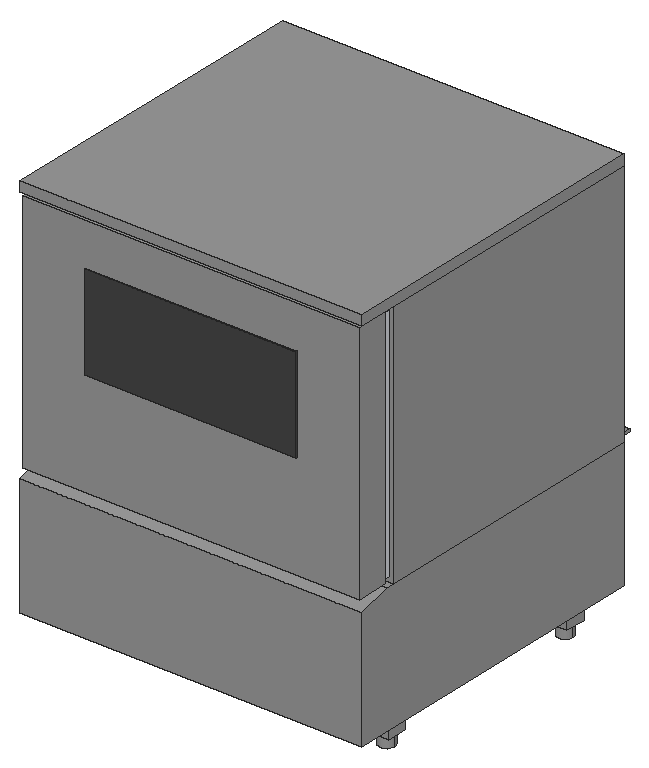
Revit family "Schnellkühler-Schockfroster Magnos Quereinschub - Eigen", category Sonderausstattung, Revit 2015
Parameters (values of type "5x GN 1/1 EN6040 Quereinschub")
  Öffnungssymbol Grundriss [instance] = yes
  Zubehör = ""
  Watt = 500 W
  Wandstärke Unten = 64 mm  # constant formula
  Wandstärke Oben = 63 mm  # constant formula
  Versatz bei Sockel oder Füße [instance] = if(Füße, Sockelhöhe, 0 mm)  # 80 mm
  Türen Stärke = 64 mm  # constant formula
  Türen Höhe = if(Korpus Höhe > 900 mm, Korpus Höhe - Türabstand Unten + Deckplatte Stärke, Korpus Höhe - Türabstand Unten - Türabstand Oben)  # 484 mm
  Türen Breite = Breite - Türabstand Rechts - Türabstand Links  # 670 mm
  Türen Anzahl = 1  # constant formula
  Türabstand Rechts = 5 mm  # constant formula
  Türabstand Oben = 5 mm  # constant formula
  Türabstand Links = 5 mm  # constant formula
  Türabstand Unten = 5 mm  # constant formula
  Tür offen [instance] = no
  Tiefe Unterbau = 47 mm  # constant formula
  Tiefe [instance] = Korpus Tiefe + Anbau Hinten Tiefe + Türen Stärke + Dichtung Stärke  # 690 mm
  Tauwasserablauf Abstand von Vorne = 295 mm
  Tauwasserabfluss Höhe = 80 mm
  Tauwasserabfluss Abstand Seite = Breite / 2  # 340 mm
  Spannung = 230 V
  Sockelhöhe = 80 mm
  Wandstärke Seiten = 59 mm  # constant formula
  Scheinleistung = 0 VA
  Wandstärke Hinten = 60 mm  # constant formula
  Pole = 1
  Netzkabellänge = 2500 mm
  Material = Edelstahl AISI 304
  Kältemittel = "R404a"
  Kälteleistung = "1528 W -10°C VT | 599 W -30°C VT"
  Korpus Tiefe = 574 mm
  Korpus Höhe = 494 mm
  Unterbau Höhe = 256 mm
  Kapazität = "5 x GN1/1 oder 5 x EN6040"
  Höhe [instance] = Versatz bei Sockel oder Füße + Unterbau Höhe + Korpus Höhe + Deckplatte Stärke  # 850 mm
  Hersteller = "CoolCompact"
  Füße Abstand Vorne = 65 mm  # constant formula
  Füße Abstand Seiten = 65 mm  # constant formula
  Füße Abstand Hinten = 65 mm  # constant formula
  Füße [instance] = yes
  Energieverbrauch = ""
  Energieeffizienzklasse = ""
  Elektroanschluss Höhe = 230 mm
  Elektroanschluss Abstand Seite = 522 mm
  Display Abstand Oben = 90 mm
  Dichtung Stärke = 14 mm  # constant formula
  Deckplatte Tiefe = if(Korpus Höhe > 900 mm, Korpus Tiefe, Korpus Tiefe + Dichtung Stärke + Türen Stärke)  # 652 mm
  Deckplatte Stärke = 20 mm  # constant formula
  DN Tauwasserabfluß = 20 mm
  Breite Unterbau = 217 mm  # constant formula
  Breite = 680 mm
  Artikelnr. = "SKFMEQ0511C-MS"
  Anbau Hinten Tiefe = 38 mm  # constant formula
Types (4, lengths in mm): name | Watt | Versatz bei Sockel oder Füße | Türen Höhe | Türen Breite | Tiefe | Tauwasserabfluss Höhe | Tauwasserabfluss Abstand Seite | Spannung | Sockelhöhe | Kälteleistung | Korpus Tiefe | Korpus Höhe | Unterbau Höhe | Kapazität | Höhe | Elektroanschluss Höhe | Display Abstand Oben | Deckplatte Tiefe | Breite | Artikelnr.
  5x GN 1/1 EN6040 Quereinschub | 500 W | 80 | 484 | 670 | 690 | 80 | 340 | 230 V | 80 | "1528 W -10°C VT | 599 W -30°C VT" | 574 | 494 | 256 | "5 x GN1/1 oder 5 x EN6040" | 850 | 230 | 90 | 652 | 680 | "SKFMEQ0511C-MS"
  8x GN 1/1 EN6040 Quereinschub | 600 W | 150 | 789 | 780 | 877 | 150 | 395 | 230 V | 150 | "1589 W -10°C VT | 620 W -30°C VT" | 761 | 799 | 351 | "8 x GN1/1 oder 8 x EN6040" | 1320 | 430 | 130 | 839 | 790 | "SKFMEQ0811C-MS"
  10x GN 1/1 EN6040 Quereinschub | 900 W | 150 | 922 | 780 | 877 | 150 | 395 | 230 V | 150 | "3219 W -10°C VT | 1160 W -30°C VT" | 761 | 907 | 571 | "10 x GN1/1 oder 10 x EN6040" | 1648 | 630 | 90 | 761 | 790 | "SKFMEQ1011C-MS"
  15x GN 1/1 EN6040 Quereinschub | 2300 W | 150 | 1243 | 780 | 877 | 150 | 395 | 400 V | 150 | "6844 W -10°C VT | 2218 W -30°C VT" | 761 | 1228 | 590 | "15 x GN1/1 oder 15 x EN6040" | 1988 | 630 | 288 | 761 | 790 | "SKFMEQ1511C-MS"
Reference planes
  plane 1 "Mitte (Vorne/Hinten)": y = 0
  plane 2: z = 0
  plane 3 "Mitte (Links/Rechts)": x = 0
  plane 4 "Wand Innen Links": x = -281
  plane 5: x = -340
  plane 6 "Wand Hinten Außen": y = -38
  plane 7 "Korpus Vorne": y = -612
  plane 8 "Dichtung": y = -626
  plane 9 "Korpus unten": z = 80
  plane 10 "Wand Innen Unten": z = 400
  plane 11 "Korpus oben": z = 830
  plane 12 "Sockel oben": z = 80
  plane 13 "Tür Vorderkante": y = -690
  plane 14 "oben": z = 850
  plane 15 "Wand Innen Rechts": x = 281
  plane 16 "Wand Innen Oben": z = 767
  plane 17: x = 340
  plane 18 "Elektro Höhe": z = 230
  plane 19 "Elektro Versatz": x = -182
  plane 20 "Display rechts Abstand": x = 289
  plane 21: x = -335
  plane 22: x = 335
  plane 23: x = -275
  plane 24: x = 275
  plane 25: y = -103
  plane 26: y = -547
  plane 27 "Tauwasser Abstand": x = 0
  plane 28 "Saugleitung Abstand": x = -92.5
  plane 29 "Flüssigkeit Abstand": x = -142.5
  plane 30 "Saugleitung Höhe": z = 230
  plane 31 "Flüssigkeit Höhe": z = 230
  plane 32 "Tauwasser Höhe": z = 80
  plane 33 "Wand Innen Hinten": y = -98
  plane 34: z = 336
  plane 35: z = 583
  plane 36: x = -108.5
  plane 37: x = 108.5
  plane 38: y = -325
  plane 39: y = -208.5
  plane 40: y = -425.5
  plane 41: z = 33
  plane 42 "Anbau Hinten  Oben": z = 810
  plane 43 "Anbau Hinten Unten": z = 100
  plane 44 "Anbau Hinten Links": x = -320
  plane 45 "Anbau Hinten Rechts": x = 320
  plane 46 "Display OK": z = 740
  plane 47 "Tauwasser Abstand Vorne": y = -317
  plane 48: z = 341
  plane 49: y = -690
Forms (mm)
  Extrusion 1, solid, material "Edelstahl AISI 304" <- "Material", visible <- "Füße", detail levels medium+fine
    sketch origin (0, 0, 0) x (1, 0, 0) y (0, 1, 0)
      loop
        line (-295, -83) -> (-295, -123) -> (-255, -123) -> (-255, -83) -> (-295, -83)
      loop
        line (-295, -527) -> (-295, -567) -> (-255, -567) -> (-255, -527) -> (-295, -527)
      loop
        line (255, -527) -> (255, -567) -> (295, -567) -> (295, -527) -> (255, -527)
      loop
        line (255, -83) -> (255, -123) -> (295, -123) -> (295, -83) -> (255, -83)
    from 23 to 80
  Extrusion 2, solid, material "Edelstahl AISI 304" <- "Material", detail levels medium+fine
    sketch origin (5, 0, 80) x (-1, 0, 0) y (0, -1, 0)
      loop
        line (345, 38) -> (345, 612) -> (-335, 612) -> (-335, 38) -> (345, 38)
    from 750 to 256
  Extrusion 3, solid, material "Edelstahl AISI 304" <- "Material", visible <- "Füße", detail levels medium+fine
    sketch origin (0, 0, 0) x (1, 0, 0) y (0, 1, 0)
      loop
        circle (-275, -103) r 15
      loop
        circle (275, -103) r 15
      loop
        circle (275, -547) r 15
      loop
        circle (-275, -547) r 15
    from 0 to 23
  Extrusion 4, solid, not visible
    sketch origin (0, -38, 0) x (-1, 0, 0) y (0, 0, 1)
      loop
        circle (182, 230) r 20
    from 0 to 1
  Extrusion 5, solid, material "Edelstahl AISI 304" <- "Material", detail levels coarse
    sketch origin (0, 0, 80) x (-1, 0, 0) y (0, -1, 0)
      loop
        line (340, 0) -> (340, 690) -> (-340, 690) -> (-340, 0) -> (340, 0)
    from 770 to 0
  Extrusion 6, void
    sketch origin (0, 0, 0) x (0, 1, 0) y (0, 0, 1)
      loop
        line (-612, 767) -> (-612, 400) -> (-98, 400) -> (-98, 767) -> (-612, 767)
    from 281 to -281
  Extrusion 7, solid, material "Edelstahl AISI 304" <- "Material", detail levels medium+fine
    sketch origin (0, 0, 0) x (0, 1, 0) y (0, 0, 1)
      loop
        line (-690, 80) -> (-38, 80) -> (-38, 336) -> (-626, 336) -> (-690, 318.851) -> (-690, 80)
    from 340 to -340
  Extrusion 8, solid, material "Edelstahl AISI 304" <- "Material", detail levels fine
    sketch origin (0, 0, 80) x (-1, 0, 0) y (0, -1, 0)
      loop
        line (108.5, 208.5) -> (108.5, 425.5) -> (-108.5, 425.5) -> (-108.5, 208.5) -> (108.5, 208.5)
    from 0 to -47
  Extrusion 9, solid, material "Edelstahl AISI 304" <- "Material", detail levels medium+fine
    sketch origin (0, 0, 830) x (-1, 0, 0) y (0, -1, 0)
      loop
        line (340, 38) -> (340, 690) -> (-340, 690) -> (-340, 38) -> (340, 38)
    from 20 to 0
  Extrusion 10, solid, not visible
    sketch origin (0, 0, 80) x (-1, 0, 0) y (0, -1, 0)
      loop
        circle (0, 317) r 10
    from 0 to 1
  Extrusion 11, solid, material "Edelstahl AISI 304" <- "Material", detail levels medium+fine
    sketch origin (0, 0, 0) x (0, 1, 0) y (0, 0, 1)
      loop
        line (-38, 336) -> (-38, 331) -> (0, 331) -> (0, 336) -> (-38, 336)
    from 320 to -320
Cuts and joins
  Extrusion 6 cuts Extrusion 2
Dimensions and locks
  "Wandstärke Hinten": plane 33 "Wand Innen Hinten" to plane 6 "Wand Hinten Außen"
  "Dichtung Stärke": plane 7 "Korpus Vorne" to plane 8 "Dichtung"
  "Korpus Tiefe": plane 7 "Korpus Vorne" to plane 6 "Wand Hinten Außen"
  "Wandstärke Seiten": plane 4 "Wand Innen Links" to plane 5
  "Wandstärke Unten": plane 10 "Wand Innen Unten" to plane 34
  "Versatz bei Sockel oder Füße": plane 9 "Korpus unten" to level
  "Sockelhöhe": plane 12 "Sockel oben" to level
  "Wandstärke Oben": plane 11 "Korpus oben" to plane 16 "Wand Innen Oben"
  "Wandstärke Seiten": plane 17 to plane 15 "Wand Innen Rechts"
  equal spacing: plane 17, plane 3 "Mitte (Links/Rechts)", plane 5
  "Breite": plane 17 to plane 5
  "Deckplatte Stärke": plane 14 "oben" to plane 11 "Korpus oben"
  "Türen Stärke": plane 8 "Dichtung" to plane 13 "Tür Vorderkante"
  "Elektroanschluss Abstand Seite": plane 17 to plane 19 "Elektro Versatz"
  "Elektroanschluss Höhe": plane 18 "Elektro Höhe" to level
  locked: plane 17 to plane 20 "Display rechts Abstand" at 51
  "Türabstand Links": plane 5 to plane 21
  "Türabstand Rechts": plane 22 to plane 17
  "Füße Abstand Seiten": plane 24 to plane 17
  "Füße Abstand Seiten": plane 5 to plane 23
  "Füße Abstand Hinten": plane 25 to plane 6 "Wand Hinten Außen"
  "Füße Abstand Vorne": plane 7 "Korpus Vorne" to plane 26
  Extrusion 1 sketch curve to plane 23 to Extrusion 1 sketch curve = 20 mm locked, 20 mm locked  (x2)
  Extrusion 1 sketch curve to plane 24 to Extrusion 1 sketch curve = 20 mm locked, 20 mm locked  (x2)
  Extrusion 1 sketch curve to plane 25 to Extrusion 1 sketch curve = 20 mm locked, 20 mm locked  (x2)
  Extrusion 1 sketch curve to plane 26 to Extrusion 1 sketch curve = 20 mm locked, 20 mm locked  (x2)
  plane 17 to plane 29 "Flüssigkeit Abstand" = 482.5 mm
  plane 17 to plane 28 "Saugleitung Abstand" = 432.5 mm
  "Tauwasserabfluss Abstand Seite": plane 17 to plane 27 "Tauwasser Abstand"
  plane 30 "Saugleitung Höhe" to level = 230 mm
  plane 31 "Flüssigkeit Höhe" to level = 230 mm
  "Tauwasserabfluss Höhe": plane 32 "Tauwasser Höhe" to level
  "Anbau Hinten Tiefe": plane 6 "Wand Hinten Außen" to plane 1 "Mitte (Vorne/Hinten)"
  "Unterbau Höhe": plane 34 to plane 9 "Korpus unten"
  "Korpus Höhe": plane 11 "Korpus oben" to plane 34
  equal spacing: plane 11 "Korpus oben", plane 35, plane 34
  equal spacing: plane 36, plane 3 "Mitte (Links/Rechts)", plane 37
  "Breite Unterbau": plane 36 to plane 37
  equal spacing: plane 6 "Wand Hinten Außen", plane 38, plane 7 "Korpus Vorne"
  "Breite Unterbau": plane 39 to plane 40
  "Tiefe Unterbau": plane 9 "Korpus unten" to plane 41
  plane 17 to plane 45 "Anbau Hinten Rechts" = 20 mm
  plane 44 "Anbau Hinten Links" to plane 5 = 20 mm
  plane 11 "Korpus oben" to plane 42 "Anbau Hinten  Oben" = 20 mm
  plane 43 "Anbau Hinten Unten" to plane 9 "Korpus unten" = 20 mm
  "Display Abstand Oben": plane 11 "Korpus oben" to plane 46 "Display OK"
  "Tauwasserablauf Abstand von Vorne": plane 47 "Tauwasser Abstand Vorne" to plane 7 "Korpus Vorne"
  "Türabstand Unten": plane 48 to plane 34
  "Deckplatte Tiefe": plane 6 "Wand Hinten Außen" to plane 49
  locked: plane 34 to Extrusion 11 sketch curve at 5
  equal spacing: plane 39, plane 47 "Tauwasser Abstand Vorne", plane 40
  "DN Tauwasserabfluß": diameter of Extrusion 10 sketch curve
  aligned and locked: level to plane 2
  aligned and locked: Extrusion 2 to plane 5
  aligned and locked: plane 17 to Extrusion 2
  aligned and locked: Extrusion 3 to plane 2
  aligned and locked: plane 14 "oben" to Extrusion 5
  aligned and locked: plane 16 "Wand Innen Oben" to Extrusion 6 sketch curve
  aligned and locked: plane 10 "Wand Innen Unten" to Extrusion 6 sketch curve
  aligned and locked: plane 7 "Korpus Vorne" to Extrusion 6 sketch curve
  aligned and locked: plane 15 "Wand Innen Rechts" to Extrusion 6
  aligned and locked: Extrusion 6 to plane 4 "Wand Innen Links"
  aligned and locked: plane 13 "Tür Vorderkante" to Extrusion 5 sketch curve
  aligned and locked: plane 6 "Wand Hinten Außen" to Extrusion 2
  aligned and locked: Extrusion 6 sketch curve to plane 33 "Wand Innen Hinten"
  aligned and locked: Extrusion 1 to plane 12 "Sockel oben"
  aligned and locked: plane 11 "Korpus oben" to Extrusion 2
  aligned and locked: cut or joined group of Extrusion 2, Extrusion 6 to plane 34
  aligned and locked: Extrusion 7 sketch curve to plane 9 "Korpus unten"
  aligned and locked: Extrusion 7 sketch curve to plane 6 "Wand Hinten Außen"
  aligned and locked: Extrusion 7 sketch curve to plane 34
  aligned and locked: Extrusion 7 sketch curve to plane 13 "Tür Vorderkante"
  aligned and locked: Extrusion 7 to plane 5
  aligned and locked: plane 17 to Extrusion 7
  aligned and locked: plane 3 "Mitte (Links/Rechts)" to nested 1
  aligned and locked: plane 7 "Korpus Vorne" to nested 1
  aligned and locked: Extrusion 8 to plane 41
  aligned and locked: Extrusion 9 sketch curve to plane 6 "Wand Hinten Außen"
  aligned and locked: Extrusion 9 sketch curve to plane 5
  aligned and locked: Extrusion 9 sketch curve to plane 17
  aligned and locked: plane 14 "oben" to Extrusion 9
  aligned and locked: plane 3 "Mitte (Links/Rechts)" to nested 2
  aligned and locked: nested 2 to plane 13 "Tür Vorderkante"
  aligned and locked: plane 48 to nested 1
  aligned and locked: Extrusion 9 sketch curve to plane 49
  aligned and locked: plane 46 "Display OK" to nested 2
  aligned and locked: Extrusion 11 sketch curve to plane 34
  aligned and locked: plane 6 "Wand Hinten Außen" to Extrusion 11 sketch curve
  aligned and locked: plane 1 "Mitte (Vorne/Hinten)" to Extrusion 11 sketch curve
  aligned and locked: Extrusion 11 to plane 44 "Anbau Hinten Links"
  aligned and locked: Extrusion 11 to plane 45 "Anbau Hinten Rechts"
  aligned and locked: Extrusion 9 to plane 11 "Korpus oben"
Automatic sketch dimensions
  plane 1 "Mitte (Vorne/Hinten)" to Extrusion 2 sketch curve = 38 mm
  Extrusion 2 sketch curve to plane 17 = 0 mm
  Extrusion 2 sketch curve to plane 5 = 0 mm
  Extrusion 2 sketch curve to plane 7 "Korpus Vorne" = 0 mm
  plane 1 "Mitte (Vorne/Hinten)" to Extrusion 5 sketch curve = 0 mm
  Extrusion 5 sketch curve to plane 17 = 0 mm
  Extrusion 5 sketch curve to plane 5 = 0 mm
  Extrusion 3 sketch curve to plane 23 = 0 mm  (x2)
  Extrusion 3 sketch curve to plane 24 = 0 mm  (x2)
  Extrusion 3 sketch curve to plane 25 = 0 mm  (x2)
  plane 26 to Extrusion 3 sketch curve = 0 mm  (x2)
  Extrusion 7 sketch curve to plane 8 "Dichtung" = 0 mm
  Extrusion 7 sketch curve to plane 34 = 17.149 mm
  Extrusion 8 sketch curve to plane 37 = 0 mm
  Extrusion 8 sketch curve to plane 36 = 0 mm
  Extrusion 8 sketch curve to plane 39 = 0 mm
  plane 40 to Extrusion 8 sketch curve = 0 mm
  Extrusion 4 sketch curve to plane 18 "Elektro Höhe" = 0 mm
  Extrusion 4 sketch curve to plane 19 "Elektro Versatz" = 0 mm
  Extrusion 10 sketch curve to plane 3 "Mitte (Links/Rechts)" = 0 mm
  Extrusion 10 sketch curve to plane 47 "Tauwasser Abstand Vorne" = 0 mm
  radius of Extrusion 3 sketch curve = 15 mm  (x4)
  radius of Extrusion 4 sketch curve = 20 mm
Nested families
  nested 1: "Tür einfach" at (0, -612, 341) x (-1, 0, 0) z (0, 0, 1), Tür Breite <- "Türen Breite", Tür Höhe <- "Türen Höhe", Öffnungssymbol Grundriss <- "Öffnungssymbol Grundriss", type "Tür einfach"
    with Öffnungssymbol Grundriss yes, Tür Höhe 484 mm, Tür Breite 670 mm
  nested 2: "Display" at (0, -690, 740), type "Display", detail levels fine
Connectors
  electrical at (-182, -38, 230), driven by "Pole", driven by "Spannung", driven by "Scheinleistung"
    settings: on Extrusion 4, index 1, voltage 230 V, apparent load 0 VA, apparent load phase1 0 VA, apparent load phase2 0 VA, apparent load phase3 0 VA, power factor 1, load classification "Sonstige", number of poles 1, system type 31, power factor state 1, is connector primary yes, connector utility no, sub classification motor no, connector description ""
  piping at (0, -317, 80), diameter 20, driven by "DN Tauwasserabfluß"
    settings: on Extrusion 10, index 5, connector inside diameter 609.6 mm, connector length 0 mm, flow factor 0, pipe flow 0.0 L/s, pressure drop 0.0 Pa, fitting loss kfactor 0, connector angle 0.00°, fixture units 0, engagement length 0 mm, angle of deflection 0.00°, flow configuration 1, flow direction 2, fitting loss method 0, system type 16, joint type 0, gender type 0, connector reference index -1, connector utility 0, adjustable connector no, is connector primary yes, connector description ""
Definition of nested family "Tür einfach"
  Parameters (values of type "Tür einfach")
    Öffnungssymbol Grundriss [instance] = yes
    Tür offen = no
    Tür geschlossen = not(Tür offen)  # yes
    Tür Stärke = 64 mm
    Tür Höhe [instance] = 1393 mm
    Tür Breite [instance] = 635 mm
    Material = none
    Dichtung Stärke = 14 mm
  Reference planes
    plane 1 "Mitte (Vorne/Hinten)": y = 0
    plane 2: z = 0
    plane 3 "Mitte (Links/Rechts)": x = 0
    plane 4: y = -14
    plane 5: y = -78
    plane 6: x = 317.5
    plane 7: x = -317.5
    plane 8: z = 1393
    plane 9: z = 696.5
    plane 10: x = -289.5
    plane 11: x = 289.5
    plane 12: z = 1365
    plane 13: z = 28
    plane 14 "Scharnier Abstand rechts": x = 312.5
    plane 15 "Breite Scharnier": x = 237.5
  Forms (mm)
    Extrusion 1, solid, material <- "Material", visible <- "Tür geschlossen", detail levels medium+fine
      sketch origin (-3470.714, 1189.29, 150) x (-1, 0, 0) y (0, -1, 0)
        loop
          arc (-3787.314, 1267.29) -> (-3787.951, 1267.026) -> (-3788.214, 1266.39) r 0.9
          line (-3788.214, 1266.39) -> (-3788.214, 1204.19)
          arc (-3788.214, 1204.19) -> (-3787.951, 1203.554) -> (-3787.314, 1203.29) r 0.9
          line (-3787.314, 1203.29) -> (-3703.063, 1203.29) -> (-3153.214, 1203.29) -> (-3153.214, 1267.29) -> (-3787.314, 1267.29)
      from -150 to 1243
    Extrusion 2, solid, visible <- "Tür geschlossen", detail levels medium+fine
      sketch origin (0, 0, 0) x (1, 0, 0) y (0, 0, 1)
        loop
          line (283, 1358.5) -> (-283, 1358.5) -> (-283, 34.5) -> (283, 34.5) -> (283, 1358.5)
        loop
          line (-312.5, 1388) -> (-312.5, 5) -> (312.5, 5) -> (312.5, 1388) -> (-312.5, 1388)
      from 0 to 14
    Extrusion 3, solid, material <- "Material", visible <- "Tür offen", detail levels medium+fine
      sketch origin (1789.979, -3704.916, 150) x (0.642788, -0.766044, 0) y (0.766044, 0.642788, 0)
        loop
          arc (-3787.314, 1249.29) -> (-3787.951, 1249.026) -> (-3788.214, 1248.39) r 0.9
          line (-3788.214, 1248.39) -> (-3788.214, 1210.19)
          arc (-3788.214, 1210.19) -> (-3787.951, 1209.554) -> (-3787.314, 1209.29) r 0.9
          line (-3787.314, 1209.29) -> (-3703.063, 1209.29) -> (-3153.214, 1209.29) -> (-3153.214, 1249.29) -> (-3787.314, 1249.29)
      from -150 to 1243
    Extrusion 4, solid, visible <- "Tür offen", detail levels medium+fine
      sketch origin (773.005, -611.612, 246) x (-0.642788, 0.766044, 0) y (0, 0, -1)
        loop
          line (164.408, -1112.5) -> (730.408, -1112.5) -> (730.408, 211.5) -> (164.408, 211.5) -> (164.408, -1112.5)
        loop
          line (759.908, -1142) -> (759.908, 241) -> (134.908, 241) -> (134.908, -1142) -> (759.908, -1142)
      from 0 to 20
  Lines and regions (mm)
    symbolic lines, visible <- "Öffnungssymbol Grundriss"
      curve 1: line (317.5, -78, 0) -> (317.5, -713, 0)
    symbolic lines, visible <- "Öffnungssymbol Grundriss", detail levels medium+fine
      curve 2: arc (317.5, -713, 0) -> (-131.513, -527.013, 0) -> (-317.5, -78, 0) r 635
    symbolic lines, visible <- "Öffnungssymbol Grundriss", detail levels coarse
      curve 3: line (317.5, -713, 0) -> (-317.5, -78, 0)
  Dimensions and locks
    equal spacing: plane 7, plane 3 "Mitte (Links/Rechts)", plane 6
    "Tür Breite": plane 7 to plane 6
    "Dichtung Stärke": plane 4 to plane 1 "Mitte (Vorne/Hinten)"
    "Tür Stärke": plane 4 to plane 5
    "Tür Höhe": plane 8 to plane 2
    equal spacing: plane 8, plane 9, plane 2
    plane 8 to plane 12 = 28 mm
    plane 10 to plane 7 = 28 mm
    plane 11 to plane 6 = 28 mm
    plane 13 to plane 2 = 28 mm
    locked: plane 14 "Scharnier Abstand rechts" to plane 6 at 5
    locked: plane 15 "Breite Scharnier" to plane 14 "Scharnier Abstand rechts" at 75
    Extrusion 2 sketch curve to plane 10 to Extrusion 2 sketch curve = 6.5 mm locked, 23 mm locked
    Extrusion 2 sketch curve to plane 12 to Extrusion 2 sketch curve = 23 mm locked, 6.5 mm locked
    Extrusion 2 sketch curve to plane 11 to Extrusion 2 sketch curve = 6.5 mm locked, 23 mm locked
    Extrusion 2 sketch curve to plane 13 to Extrusion 2 sketch curve = 6.5 mm locked, 23 mm locked
    Extrusion 4 sketch curve to Extrusion 4 sketch curve = 29.5 mm  (x4)
    locked: Extrusion 4 sketch curve to Extrusion 4 sketch curve at 29.5  (x2)
    "Tür Breite": Extrusion 3 to Extrusion 3
    aligned and locked: level to plane 2
    aligned and locked: plane 5 to Extrusion 1 sketch curve
    aligned and locked: Extrusion 1 sketch curve to plane 4
    aligned and locked: Extrusion 1 sketch curve to plane 6
    aligned and locked: Extrusion 1 to level
    aligned and locked: plane 8 to Extrusion 1
    aligned and locked: Extrusion 2 to plane 4
    aligned and locked: Extrusion 1 to plane 7
    aligned and locked: plane 8 to Extrusion 3
  Automatic sketch dimensions
    Extrusion 1 sketch curve to plane 7 = 0 mm
    Extrusion 1 sketch curve to Extrusion 1 sketch curve = 0.9 mm
    Extrusion 1 sketch curve to plane 6 = 0.9 mm
    Extrusion 1 sketch curve to plane 15 "Breite Scharnier" = 5.152 mm
    plane 1 "Mitte (Vorne/Hinten)" to Extrusion 3 sketch curve = 0.525 mm
    plane 14 "Scharnier Abstand rechts" to Extrusion 3 sketch curve = 1.216 mm
    Extrusion 3 sketch curve to Extrusion 3 sketch curve = 0.9 mm  (x2)
    Extrusion 3 sketch curve to Extrusion 3 sketch curve = 84.252 mm
    Extrusion 3 sketch curve to Extrusion 3 sketch curve = 549.848 mm
    Extrusion 3 sketch curve to Extrusion 3 sketch curve = 38.2 mm
    Extrusion 4 sketch curve to Extrusion 3 = 5 mm
    Extrusion 4 sketch curve to Extrusion 3 = 50.652 mm
    Extrusion 3 to Extrusion 4 sketch curve = 5 mm
    Extrusion 3 to Extrusion 4 sketch curve = 34.5 mm
    curve 3 to plane 5 = 0 mm
    curve 3 to plane 7 = 0 mm
    curve 3 to plane 6 = 0 mm
    curve 1 to plane 5 = 0 mm
Definition of nested family "Display"
  Reference planes
    plane 1 "Mitte (Vorne/Hinten)": y = 0
    plane 2: z = 0
    plane 3 "Mitte (Links/Rechts)": x = 0
  Forms (mm)
    Extrusion 1, solid
      sketch origin (99.26, 0, -130) x (1, 0, 0) y (0, 0, 1)
        loop
          line (-309.26, 130) -> (-309.26, -60) -> (110.74, -60) -> (110.74, 130) -> (-309.26, 130)
      from 0 to 2
  Dimensions and locks
    aligned and locked: level to plane 2
    aligned and locked: level to Extrusion 1
